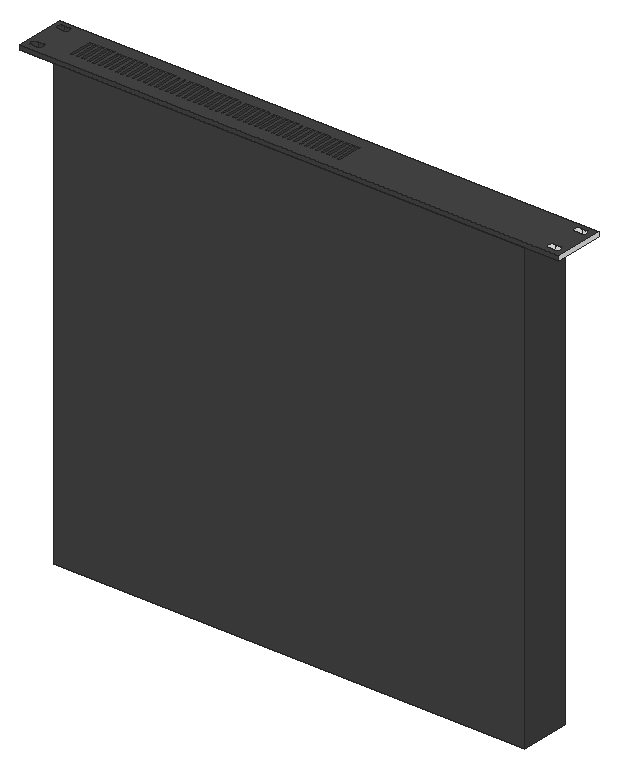
Revit family "Digital_Media-Honeywell-Amplifier-580242(43)", category Electrical Equipment, host Face, Revit 2017
Family settings
  Host = Face
  Round Connector Dimension = Use Diameter
  Part Type = Equipment Switch
  OmniClass Number = 23.85.50.00
  OmniClass Title = Communication Systems
  Cut with Voids When Loaded = No
  Shared = No
  Room Calculation Point = No
Parameters (values of type "Four Channel amplifier 4XD125B - 580242")
  Width = 483 mm  # constant formula
  Weight = if(Constraints = 1, 12.00 kgf, 8.99997 kgf)  # 8.99997 kgf
  Watts = if(Constraints = 1, 250 W, 125 W)  # 125 W
  Wattage = if(Constraints = 1, "250 W", "125 W")  # "125 W"
  Voltage = "230 V"  # constant formula
  Version = "2017 - v1.0a"  # constant formula
  Utility = no
  Storage Temperature = "-10 °C ... 55 °C"  # constant formula
  Rated current = if(Constraints = 1, "2.95 A", "N/A")  # "N/A"
  Rated Voltage = "230 V AC"  # constant formula
  Rated Load Current = if(Constraints = 1, 2.95 A, 2.95 A)  # 2.95 A
  Rated Frequency = "50 ... 60 Hz (+10 % / -5 %)"  # constant formula
  Power Output = if(Constraints = 1, "4 x 250 W", "4 x 125 W")  # "4 x 125 W"
  Power Factor = 1
  Number of Poles = 1
  Manufacturer Phone Number = "02131/40615-600"  # constant formula
  Manufacturer Fax Number = "02131/40615-606"  # constant formula
  Manufacturer Email = "mailto:info@esser-systems.com"
  Manufacturer Address = "Dieselstr. 2 41469 Neuss Germany"  # constant formula
  Load Sub-Classification = no
  Frequency = 50 Hz
  Finish = Metal - Honeywell - Stainless Steel - Black
  URL = "www.esser-systems.com"
  Support Phone = "(224) 699-9545"  # constant formula
  Support Email = "mailto:support@anguleris.com"
  Product Page URL = "https://www.esser-systems.com/en/products/details/variodyn-d1/variodyn-d1-comprio/580242-four-channel-amplifier-4xd125b-1/"
  Product Name = "Four Channel Amplifier "  # constant formula
  Product Documentation Link = "https://www.esser-systems.com/en/products/details/variodyn-d1/variodyn-d1-comprio/580242-four-channel-amplifier-4xd125b-1/download/productdatasheet/3000590"
  Model = if(Constraints = 1, "580243", "580242")  # "580242"
  Material = ""
  Manufacturer = "Honeywell International"  # constant formula
  Keynote = ""
  Height = if(Constraints = 1, 90 mm, 44 mm)  # 44 mm
  Description = if(Constraints = 1, "Four channel amplifier 4XD250B", "Four channel amplifier 4XD125B")  # "Four channel amplifier 4XD125B"
  Depth = if(Constraints = 1, 408 mm, 402 mm)  # 402 mm
  Default Elevation = 1219.2 mm
  Copyright = "© Copyright 2005-2019 Honeywell International Inc. All rights reserved."  # constant formula
  Constraints = 2
  Assembly Code = ""
  Apparent Load = 0 VA
  Ambient Temperature = "-5 °C ... 55 °C"  # constant formula
  Air Humidity = "0 ... 93 %"  # constant formula
Types (2, lengths in mm): name | Weight | Watts | Wattage | Rated current | Power Output | Product Page URL | Product Documentation Link | Model | Height | Description | Depth | Constraints
  Four Channel amplifier 4XD250B - 580243 | 12.00 kgf | 250 W | "250 W" | "2.95 A" | "4 x 250 W" | "https://www.esser-systems.com/en/products/details/variodyn-d1/variodyn-d1-comprio/580243-four-channel-amplifier-4xd250b/" | "https://www.esser-systems.com/en/products/details/variodyn-d1/variodyn-d1-comprio/580243-four-channel-amplifier-4xd250b/download/productdatasheet/3000831" | "580243" | 90 | "Four channel amplifier 4XD250B" | 408 | 1
  Four Channel amplifier 4XD125B - 580242 | 8.99997 kgf | 125 W | "125 W" | "N/A" | "4 x 125 W" | "https://www.esser-systems.com/en/products/details/variodyn-d1/variodyn-d1-comprio/580242-four-channel-amplifier-4xd125b-1/" | "https://www.esser-systems.com/en/products/details/variodyn-d1/variodyn-d1-comprio/580242-four-channel-amplifier-4xd125b-1/download/productdatasheet/3000590" | "580242" | 44 | "Four channel amplifier 4XD125B" | 402 | 2
Reference planes
  plane 1 "Center (Front/Back)": y = 317.025
  plane 2: z = 0
  plane 3 "Center (Left/Right)": x = 0
  plane 4: y = -880.175
  plane 5: x = -241.5
  plane 6: x = 241.5
  plane 7: y = 339.025
  plane 8: y = 295.025
  plane 9 "Back": z = -402
  plane 10: z = 10.875
  plane 11: x = -158.75
Forms (mm)
  Extrusion 1, void
    sketch origin (0, 0, 0) x (1, 0, 0) y (0, 1, 0)
      loop
        line (-241.5, 339.025) -> (-241.5, 295.025) -> (241.5, 295.025) -> (241.5, 339.025) -> (-241.5, 339.025)
    from -402 to 10.875
  Extrusion 2, solid, material "Metal - Honeywell - Stainless Steel - Black" <- "Finish"
    sketch origin (0, 0, 0) x (1, 0, 0) y (0, 1, 0)
      loop
        line (241.5, 295.025) -> (241.5, 339.025) -> (-241.5, 339.025) -> (-241.5, 295.025) -> (241.5, 295.025)
      loop
        arc (-234.271, 334.867) -> (-237.419, 331.72) -> (-234.271, 328.572) r 3.148
        line (-234.271, 328.572) -> (-229.428, 328.572)
        arc (-229.428, 328.572) -> (-226.28, 331.72) -> (-229.428, 334.867) r 3.148
        line (-229.428, 334.867) -> (-234.271, 334.867)
      loop
        line (-234.271, 299.183) -> (-229.428, 299.183)
        arc (-229.428, 299.183) -> (-226.28, 302.331) -> (-229.428, 305.479) r 3.148
        line (-229.428, 305.479) -> (-234.271, 305.479)
        arc (-234.271, 305.479) -> (-237.419, 302.331) -> (-234.271, 299.183) r 3.148
      loop
        line (234.271, 334.867) -> (229.428, 334.867)
        arc (229.428, 334.867) -> (226.28, 331.72) -> (229.428, 328.572) r 3.148
        line (229.428, 328.572) -> (234.271, 328.572)
        arc (234.271, 328.572) -> (237.419, 331.72) -> (234.271, 334.867) r 3.148
      loop
        arc (234.271, 299.183) -> (237.419, 302.331) -> (234.271, 305.479) r 3.148
        line (234.271, 305.479) -> (229.428, 305.479)
        arc (229.428, 305.479) -> (226.28, 302.331) -> (229.428, 299.183) r 3.148
        line (229.428, 299.183) -> (234.271, 299.183)
      loop
        line (-205.182, 327.672) -> (-205.182, 306.688) -> (-202.653, 306.688) -> (-202.653, 327.672) -> (-205.182, 327.672)
      loop
        line (-200.241, 327.672) -> (-200.241, 306.688) -> (-197.689, 306.688) -> (-197.689, 327.672) -> (-200.241, 327.672)
      loop
        line (-195.182, 327.672) -> (-195.182, 306.688) -> (-192.653, 306.688) -> (-192.653, 327.672) -> (-195.182, 327.672)
      loop
        line (-190.241, 327.672) -> (-190.241, 306.688) -> (-187.689, 306.688) -> (-187.689, 327.672) -> (-190.241, 327.672)
      loop
        line (-185.277, 327.672) -> (-185.277, 306.688) -> (-182.725, 306.688) -> (-182.725, 327.672) -> (-185.277, 327.672)
      loop
        line (-180.218, 327.672) -> (-180.218, 306.688) -> (-177.689, 306.688) -> (-177.689, 327.672) -> (-180.218, 327.672)
      loop
        line (-175.277, 327.672) -> (-175.277, 306.688) -> (-172.725, 306.688) -> (-172.725, 327.672) -> (-175.277, 327.672)
      loop
        line (-170.313, 327.672) -> (-170.313, 306.688) -> (-167.761, 306.688) -> (-167.761, 327.672) -> (-170.313, 327.672)
      loop
        line (-165.254, 327.672) -> (-165.254, 306.688) -> (-162.725, 306.688) -> (-162.725, 327.672) -> (-165.254, 327.672)
      loop
        line (-160.313, 327.672) -> (-160.313, 306.688) -> (-157.761, 306.688) -> (-157.761, 327.672) -> (-160.313, 327.672)
      loop
        line (-155.349, 327.672) -> (-155.349, 306.688) -> (-152.797, 306.688) -> (-152.797, 327.672) -> (-155.349, 327.672)
      loop
        line (-150.29, 327.672) -> (-150.29, 306.688) -> (-147.761, 306.688) -> (-147.761, 327.672) -> (-150.29, 327.672)
      loop
        line (-145.349, 327.672) -> (-145.349, 306.688) -> (-142.797, 306.688) -> (-142.797, 327.672) -> (-145.349, 327.672)
      loop
        line (-140.384, 327.672) -> (-140.384, 306.688) -> (-137.833, 306.688) -> (-137.833, 327.672) -> (-140.384, 327.672)
      loop
        line (-135.325, 327.672) -> (-135.325, 306.688) -> (-132.797, 306.688) -> (-132.797, 327.672) -> (-135.325, 327.672)
      loop
        line (-130.384, 327.672) -> (-130.384, 306.688) -> (-127.833, 306.688) -> (-127.833, 327.672) -> (-130.384, 327.672)
      loop
        line (-125.42, 327.672) -> (-125.42, 306.688) -> (-122.868, 306.688) -> (-122.868, 327.672) -> (-125.42, 327.672)
      loop
        line (-120.361, 327.672) -> (-120.361, 306.688) -> (-117.833, 306.688) -> (-117.833, 327.672) -> (-120.361, 327.672)
      loop
        line (-115.42, 327.672) -> (-115.42, 306.688) -> (-112.868, 306.688) -> (-112.868, 327.672) -> (-115.42, 327.672)
      loop
        line (-110.456, 327.672) -> (-110.456, 306.688) -> (-107.904, 306.688) -> (-107.904, 327.672) -> (-110.456, 327.672)
      loop
        line (-105.397, 327.672) -> (-105.397, 306.688) -> (-102.868, 306.688) -> (-102.868, 327.672) -> (-105.397, 327.672)
      loop
        line (-100.456, 327.672) -> (-100.456, 306.688) -> (-97.904, 306.688) -> (-97.904, 327.672) -> (-100.456, 327.672)
      loop
        line (-95.492, 327.672) -> (-95.492, 306.688) -> (-92.94, 306.688) -> (-92.94, 327.672) -> (-95.492, 327.672)
      loop
        line (-90.433, 327.672) -> (-90.433, 306.688) -> (-87.904, 306.688) -> (-87.904, 327.672) -> (-90.433, 327.672)
      loop
        line (-85.492, 327.672) -> (-85.492, 306.688) -> (-82.94, 306.688) -> (-82.94, 327.672) -> (-85.492, 327.672)
      loop
        line (-80.528, 327.672) -> (-80.528, 306.688) -> (-77.976, 306.688) -> (-77.976, 327.672) -> (-80.528, 327.672)
      loop
        line (-75.469, 327.672) -> (-75.469, 306.688) -> (-72.94, 306.688) -> (-72.94, 327.672) -> (-75.469, 327.672)
      loop
        line (-70.528, 327.672) -> (-70.528, 306.688) -> (-67.976, 306.688) -> (-67.976, 327.672) -> (-70.528, 327.672)
      loop
        line (-65.564, 327.672) -> (-65.564, 306.688) -> (-63.012, 306.688) -> (-63.012, 327.672) -> (-65.564, 327.672)
      loop
        line (-60.505, 327.672) -> (-60.505, 306.688) -> (-57.976, 306.688) -> (-57.976, 327.672) -> (-60.505, 327.672)
      loop
        line (-55.564, 327.672) -> (-55.564, 306.688) -> (-53.012, 306.688) -> (-53.012, 327.672) -> (-55.564, 327.672)
      loop
        line (-50.6, 327.672) -> (-50.6, 306.688) -> (-48.048, 306.688) -> (-48.048, 327.672) -> (-50.6, 327.672)
      loop
        line (-45.541, 327.672) -> (-45.541, 306.688) -> (-43.012, 306.688) -> (-43.012, 327.672) -> (-45.541, 327.672)
      loop
        line (-40.6, 327.672) -> (-40.6, 306.688) -> (-38.048, 306.688) -> (-38.048, 327.672) -> (-40.6, 327.672)
      loop
        line (-35.635, 327.672) -> (-35.635, 306.688) -> (-33.084, 306.688) -> (-33.084, 327.672) -> (-35.635, 327.672)
      loop
        line (-30.577, 327.672) -> (-30.577, 306.688) -> (-28.048, 306.688) -> (-28.048, 327.672) -> (-30.577, 327.672)
      loop
        line (-25.635, 327.672) -> (-25.635, 306.688) -> (-23.084, 306.688) -> (-23.084, 327.672) -> (-25.635, 327.672)
      loop
        line (-20.671, 327.672) -> (-20.671, 306.688) -> (-18.119, 306.688) -> (-18.119, 327.672) -> (-20.671, 327.672)
      loop
        line (-15.612, 327.672) -> (-15.612, 306.688) -> (-13.084, 306.688) -> (-13.084, 327.672) -> (-15.612, 327.672)
      loop
        line (-10.671, 327.672) -> (-10.671, 306.688) -> (-8.119, 306.688) -> (-8.119, 327.672) -> (-10.671, 327.672)
      loop
        line (-5.707, 327.672) -> (-5.707, 306.688) -> (-3.155, 306.688) -> (-3.155, 327.672) -> (-5.707, 327.672)
      loop
        line (-0.648, 327.672) -> (-0.648, 306.688) -> (1.881, 306.688) -> (1.881, 327.672) -> (-0.648, 327.672)
      loop
        line (4.293, 327.672) -> (4.293, 306.688) -> (6.845, 306.688) -> (6.845, 327.672) -> (4.293, 327.672)
      loop
        line (9.257, 327.672) -> (9.257, 306.688) -> (11.809, 306.688) -> (11.809, 327.672) -> (9.257, 327.672)
      loop
        line (14.316, 327.672) -> (14.316, 306.688) -> (16.845, 306.688) -> (16.845, 327.672) -> (14.316, 327.672)
      loop
        line (19.257, 327.672) -> (19.257, 306.688) -> (21.809, 306.688) -> (21.809, 327.672) -> (19.257, 327.672)
      loop
        line (24.221, 327.672) -> (24.221, 306.688) -> (26.773, 306.688) -> (26.773, 327.672) -> (24.221, 327.672)
      loop
        line (29.28, 327.672) -> (29.28, 306.688) -> (31.809, 306.688) -> (31.809, 327.672) -> (29.28, 327.672)
      loop
        line (34.221, 327.672) -> (34.221, 306.688) -> (36.773, 306.688) -> (36.773, 327.672) -> (34.221, 327.672)
    from 0 to 4
  Extrusion 3, solid, material "Metal - Honeywell - Stainless Steel - Black"
    sketch origin (0, 0, 0) x (1, 0, 0) y (0, 1, 0)
      loop
        line (-210.879, 339.025) -> (-211.379, 295.025) -> (211, 295.025) -> (211.5, 339.025) -> (-210.879, 339.025)
    from 0 to -402
Lines and regions (mm)
  Masking region 1
    outline origin (0, 317.025, 0) x (1, 0, 0) y (0, 0, 1)
      loop
        line (-241.5, -402) -> (241.5, -402) -> (241.5, 4) -> (-241.5, 4) -> (-241.5, -402)
  Split face 1
    outline origin (-31.31, -17.075, 4) x (1, 0, 0) y (0, 1, 0)
      loop
        line (85.083, 330.048) -> (85.083, 326.452) -> (112.325, 326.452) -> (112.325, 330.048) -> (85.083, 330.048)
  Split face 2
    outline origin (-58.938, -16.388, 4) x (1, 0, 0) y (0, 1, 0)
      loop
        line (112.612, 341.732) -> (112.612, 338.024) -> (140.424, 338.024) -> (140.424, 341.732) -> (112.612, 341.732)
  Split face 3
    outline origin (-38.173, -17.107, 4) x (1, 0, 0) y (0, 1, 0)
      loop
        line (91.871, 335.577) -> (91.871, 332.318) -> (119.473, 332.318) -> (119.473, 335.577) -> (91.871, 335.577)
  Split face 4
    outline origin (0, 0, 4) x (1, 0, 0) y (0, 1, 0)
      loop
        line (178.589, 339.025) -> (178.589, 295.025)
  Split face 5
    outline origin (3.962, -22.943, 4) x (1, 0, 0) y (0, 1, 0)
      loop
        line (81.451, 325.725) -> (81.451, 319.284) -> (114.921, 319.284) -> (114.921, 325.725) -> (81.451, 325.725)
  Split face 6
    outline origin (-0.038, -0.212, 4) x (1, 0, 0) y (0, 1, 0)
      loop
        line (128.732, 311.369) -> (128.732, 308.354) -> (149.455, 308.354) -> (149.455, 311.369) -> (128.732, 311.369)
  Split face 7
    outline origin (0.101, -9.011, 4) x (1, 0, 0) y (0, 1, 0)
      loop
        line (128.732, 335.559) -> (128.732, 331.851) -> (149.455, 331.851) -> (149.455, 335.559) -> (128.732, 335.559)
  Split face 8
    outline origin (0, 2.812, 4) x (1, 0, 0) y (0, 1, 0)
      loop
        line (128.732, 329.409) -> (128.732, 326.329) -> (149.455, 326.329) -> (149.455, 329.409) -> (128.732, 329.409)
  Split face 9
    outline origin (-0.302, -0.101, 4) x (1, 0, 0) y (0, 1, 0)
      loop
        line (54.226, 306.607) -> (54.226, 302.852) -> (81.662, 302.852) -> (81.662, 306.607) -> (54.226, 306.607)
  Split face 10
    outline origin (0, -46, 4) x (1, 0, 0) y (0, 1, 0)
      loop
        line (128.732, 352.607) -> (128.732, 348.852) -> (149.455, 348.852) -> (149.455, 352.607) -> (128.732, 352.607)
  Split face 11
    outline origin (-241.5, 339.025, 0) x (1, 0, 0) y (0, 0, -1)
      loop
        line (420.089, -4) -> (420.089, 0)
  Split face 12
    outline origin (241.5, 295.025, 0) x (-1, 0, 0) y (0, 0, -1)
      loop
        line (62.911, -4) -> (62.911, 0)
  Split face 13
    outline origin (0, -0.938, 4) x (1, 0, 0) y (0, 1, 0)
      loop
        line (53.674, 333.284) -> (53.674, 329.409) -> (81.015, 329.409) -> (81.015, 333.284) -> (53.674, 333.284)
Dimensions and locks
  "Default Elevation": plane 4 to plane 7
  plane 10 to Masking region 1 = 6.875 mm
  "Depth": level to plane 9 "Back"
  "Height": plane 8 to plane 7
  equal spacing: plane 5, plane 3 "Center (Left/Right)", plane 6
  "Width": plane 5 to plane 6
  equal spacing: plane 8, plane 1 "Center (Front/Back)", plane 7
  locked: plane 10 to level at 10.875
  locked: Extrusion 2 to level at 4  (x3)
  Extrusion 2 sketch curve to Extrusion 2 sketch curve to plane 7 = 6.296 mm locked, 4.158 mm locked  (x2)
  plane 5 to Extrusion 2 sketch curve to Extrusion 2 sketch curve = 4.081 mm locked, 11.139 mm  (x2)
  Extrusion 2 sketch curve to Extrusion 2 sketch curve to plane 8 = 6.296 mm locked, 4.158 mm locked  (x2)
  plane 6 to Extrusion 2 sketch curve to Extrusion 2 sketch curve = 4.081 mm locked, 11.139 mm  (x2)
  locked: host sketch curve to plane 3 "Center (Left/Right)" at 1219.2  (x12)
  locked: host sketch curve to plane 1 "Center (Front/Back)" at 1536.225  (x6)
  locked: host sketch curve to plane 1 "Center (Front/Back)" at 902.175  (x6)
  Extrusion 1 sketch curve to plane 3 "Center (Left/Right)" = 241.5 mm  (x6)
  Extrusion 1 sketch curve to plane 1 "Center (Front/Back)" = 22 mm  (x6)
  Extrusion 2 to plane 3 "Center (Left/Right)" = 241.5 mm  (x4)
  Extrusion 2 to plane 3 "Center (Left/Right)" = 202.653 mm  (x2)
  Extrusion 2 to plane 3 "Center (Left/Right)" = 205.182 mm  (x2)
  Extrusion 2 to plane 3 "Center (Left/Right)" = 197.689 mm  (x2)
  Extrusion 2 to plane 3 "Center (Left/Right)" = 200.241 mm  (x2)
  Extrusion 2 to plane 3 "Center (Left/Right)" = 192.653 mm  (x2)
  Extrusion 2 to plane 3 "Center (Left/Right)" = 195.182 mm  (x2)
  Extrusion 2 to plane 3 "Center (Left/Right)" = 187.689 mm  (x2)
  Extrusion 2 to plane 3 "Center (Left/Right)" = 190.241 mm  (x2)
  Extrusion 2 to plane 3 "Center (Left/Right)" = 182.725 mm  (x2)
  Extrusion 2 to plane 3 "Center (Left/Right)" = 185.277 mm  (x2)
  Extrusion 2 to plane 3 "Center (Left/Right)" = 177.689 mm  (x2)
  Extrusion 2 to plane 3 "Center (Left/Right)" = 180.218 mm  (x2)
  Extrusion 2 to plane 3 "Center (Left/Right)" = 172.725 mm  (x2)
  Extrusion 2 to plane 3 "Center (Left/Right)" = 175.277 mm  (x2)
  Extrusion 2 to plane 3 "Center (Left/Right)" = 167.761 mm  (x2)
  Extrusion 2 to plane 3 "Center (Left/Right)" = 170.313 mm  (x2)
  Extrusion 2 to plane 3 "Center (Left/Right)" = 162.725 mm  (x2)
  Extrusion 2 to plane 3 "Center (Left/Right)" = 165.254 mm  (x2)
  locked: Extrusion 2 to plane 3 "Center (Left/Right)" at 157.761  (x2)
  locked: Extrusion 2 to plane 3 "Center (Left/Right)" at 160.313  (x2)
  locked: Extrusion 2 to plane 3 "Center (Left/Right)" at 152.797  (x2)
  locked: Extrusion 2 to plane 3 "Center (Left/Right)" at 155.349  (x2)
  locked: Extrusion 2 to plane 3 "Center (Left/Right)" at 147.761  (x2)
  locked: Extrusion 2 to plane 3 "Center (Left/Right)" at 150.29  (x2)
  locked: Extrusion 2 to plane 3 "Center (Left/Right)" at 142.797  (x2)
  locked: Extrusion 2 to plane 3 "Center (Left/Right)" at 145.349  (x2)
  locked: Extrusion 2 to plane 3 "Center (Left/Right)" at 137.833  (x2)
  locked: Extrusion 2 to plane 3 "Center (Left/Right)" at 140.384  (x2)
  locked: Extrusion 2 to plane 3 "Center (Left/Right)" at 132.797  (x2)
  locked: Extrusion 2 to plane 3 "Center (Left/Right)" at 135.325  (x2)
  locked: Extrusion 2 to plane 3 "Center (Left/Right)" at 127.833  (x2)
  locked: Extrusion 2 to plane 3 "Center (Left/Right)" at 130.384  (x2)
  locked: Extrusion 2 to plane 3 "Center (Left/Right)" at 122.868  (x2)
  locked: Extrusion 2 to plane 3 "Center (Left/Right)" at 125.42  (x2)
  locked: Extrusion 2 to plane 3 "Center (Left/Right)" at 117.833  (x2)
  locked: Extrusion 2 to plane 3 "Center (Left/Right)" at 120.361  (x2)
  locked: Extrusion 2 to plane 3 "Center (Left/Right)" at 112.868  (x2)
  locked: Extrusion 2 to plane 3 "Center (Left/Right)" at 115.42  (x2)
  locked: Extrusion 2 to plane 3 "Center (Left/Right)" at 107.904  (x2)
  locked: Extrusion 2 to plane 3 "Center (Left/Right)" at 110.456  (x2)
  locked: Extrusion 2 to plane 3 "Center (Left/Right)" at 102.868  (x2)
  locked: Extrusion 2 to plane 3 "Center (Left/Right)" at 105.397  (x2)
  locked: Extrusion 2 to plane 3 "Center (Left/Right)" at 97.904  (x2)
  locked: Extrusion 2 to plane 3 "Center (Left/Right)" at 100.456  (x2)
  locked: Extrusion 2 to plane 3 "Center (Left/Right)" at 92.94  (x2)
  locked: Extrusion 2 to plane 3 "Center (Left/Right)" at 95.492  (x2)
  locked: Extrusion 2 to plane 3 "Center (Left/Right)" at 87.904  (x2)
  locked: Extrusion 2 to plane 3 "Center (Left/Right)" at 90.433  (x2)
  locked: Extrusion 2 to plane 3 "Center (Left/Right)" at 82.94  (x2)
  locked: Extrusion 2 to plane 3 "Center (Left/Right)" at 85.492  (x2)
  locked: Extrusion 2 to plane 3 "Center (Left/Right)" at 77.976  (x2)
  locked: Extrusion 2 to plane 3 "Center (Left/Right)" at 80.528  (x2)
  locked: Extrusion 2 to plane 3 "Center (Left/Right)" at 72.94  (x2)
  locked: Extrusion 2 to plane 3 "Center (Left/Right)" at 75.469  (x2)
  locked: Extrusion 2 to plane 3 "Center (Left/Right)" at 67.976  (x2)
  locked: Extrusion 2 to plane 3 "Center (Left/Right)" at 70.528  (x2)
  locked: Extrusion 2 to plane 3 "Center (Left/Right)" at 63.012  (x2)
  locked: Extrusion 2 to plane 3 "Center (Left/Right)" at 65.564  (x2)
  locked: Extrusion 2 to plane 3 "Center (Left/Right)" at 57.976  (x2)
  locked: Extrusion 2 to plane 3 "Center (Left/Right)" at 60.505  (x2)
  locked: Extrusion 2 to plane 3 "Center (Left/Right)" at 53.012  (x2)
  locked: Extrusion 2 to plane 3 "Center (Left/Right)" at 55.564  (x2)
  locked: Extrusion 2 to plane 3 "Center (Left/Right)" at 48.048  (x2)
  locked: Extrusion 2 to plane 3 "Center (Left/Right)" at 50.6  (x2)
  locked: Extrusion 2 to plane 3 "Center (Left/Right)" at 43.012  (x2)
  locked: Extrusion 2 to plane 3 "Center (Left/Right)" at 45.541  (x2)
  locked: Extrusion 2 to plane 3 "Center (Left/Right)" at 38.048  (x2)
  locked: Extrusion 2 to plane 3 "Center (Left/Right)" at 40.6  (x2)
  locked: Extrusion 2 to plane 3 "Center (Left/Right)" at 33.084  (x2)
  locked: Extrusion 2 to plane 3 "Center (Left/Right)" at 35.635  (x2)
  locked: Extrusion 2 to plane 3 "Center (Left/Right)" at 28.048  (x2)
  locked: Extrusion 2 to plane 3 "Center (Left/Right)" at 30.577  (x2)
  locked: Extrusion 2 to plane 3 "Center (Left/Right)" at 23.084  (x2)
  locked: Extrusion 2 to plane 3 "Center (Left/Right)" at 25.635  (x2)
  locked: Extrusion 2 to plane 3 "Center (Left/Right)" at 18.119  (x2)
  locked: Extrusion 2 to plane 3 "Center (Left/Right)" at 20.671  (x2)
  locked: Extrusion 2 to plane 3 "Center (Left/Right)" at 13.084  (x2)
  locked: Extrusion 2 to plane 3 "Center (Left/Right)" at 15.612  (x2)
  locked: Extrusion 2 to plane 3 "Center (Left/Right)" at 8.119  (x2)
  locked: Extrusion 2 to plane 3 "Center (Left/Right)" at 10.671  (x2)
  locked: Extrusion 2 to plane 3 "Center (Left/Right)" at 3.155  (x2)
  locked: Extrusion 2 to plane 3 "Center (Left/Right)" at 5.707  (x2)
  locked: Extrusion 2 to plane 3 "Center (Left/Right)" at 1.881  (x2)
  locked: Extrusion 2 to plane 3 "Center (Left/Right)" at 6.845  (x2)
  locked: Extrusion 2 to plane 3 "Center (Left/Right)" at 4.293  (x2)
  locked: Extrusion 2 to plane 3 "Center (Left/Right)" at 11.809  (x2)
  locked: Extrusion 2 to plane 3 "Center (Left/Right)" at 9.257  (x2)
  locked: Extrusion 2 to plane 3 "Center (Left/Right)" at 16.845  (x2)
  locked: Extrusion 2 to plane 3 "Center (Left/Right)" at 14.316  (x2)
  locked: Extrusion 2 to plane 3 "Center (Left/Right)" at 21.809  (x2)
  locked: Extrusion 2 to plane 3 "Center (Left/Right)" at 19.257  (x2)
  locked: Extrusion 2 to plane 3 "Center (Left/Right)" at 26.773  (x2)
  locked: Extrusion 2 to plane 3 "Center (Left/Right)" at 24.221  (x2)
  locked: Extrusion 2 to plane 3 "Center (Left/Right)" at 31.809  (x2)
  locked: Extrusion 2 to plane 3 "Center (Left/Right)" at 29.28  (x2)
  locked: Extrusion 2 to plane 3 "Center (Left/Right)" at 36.773  (x2)
  locked: Extrusion 2 to plane 3 "Center (Left/Right)" at 34.221  (x2)
  Extrusion 2 to plane 1 "Center (Front/Back)" = 22 mm  (x4)
  Extrusion 2 to plane 1 "Center (Front/Back)" = 11.546 mm  (x8)
  Extrusion 2 to plane 1 "Center (Front/Back)" = 17.842 mm  (x8)
  Extrusion 2 to plane 1 "Center (Front/Back)" = 10.338 mm  (x98)
  Extrusion 2 to plane 1 "Center (Front/Back)" = 10.647 mm  (x98)
  Extrusion 2 sketch curve to plane 1 "Center (Front/Back)" = 22 mm  (x12)
  Extrusion 2 sketch curve to plane 1 "Center (Front/Back)" = 17.842 mm  (x40)
  Extrusion 2 sketch curve to plane 1 "Center (Front/Back)" = 11.546 mm  (x48)
  Extrusion 2 sketch curve to plane 1 "Center (Front/Back)" = 10.338 mm  (x294)
  Extrusion 2 sketch curve to plane 1 "Center (Front/Back)" = 10.647 mm  (x294)
  Extrusion 2 sketch curve to plane 3 "Center (Left/Right)" = 241.5 mm  (x6)
  Extrusion 2 sketch curve to plane 3 "Center (Left/Right)" = 229.428 mm  (x8)
  Extrusion 2 sketch curve to plane 3 "Center (Left/Right)" = 234.271 mm  (x8)
  Extrusion 2 sketch curve to plane 3 "Center (Left/Right)" = 202.653 mm  (x3)
  Extrusion 2 sketch curve to plane 3 "Center (Left/Right)" = 205.182 mm  (x3)
  Extrusion 2 sketch curve to plane 3 "Center (Left/Right)" = 197.689 mm  (x3)
  Extrusion 2 sketch curve to plane 3 "Center (Left/Right)" = 200.241 mm  (x3)
  Extrusion 2 sketch curve to plane 3 "Center (Left/Right)" = 192.653 mm  (x3)
  Extrusion 2 sketch curve to plane 3 "Center (Left/Right)" = 195.182 mm  (x3)
  Extrusion 2 sketch curve to plane 3 "Center (Left/Right)" = 187.689 mm  (x3)
  Extrusion 2 sketch curve to plane 3 "Center (Left/Right)" = 190.241 mm  (x3)
  Extrusion 2 sketch curve to plane 3 "Center (Left/Right)" = 182.725 mm  (x3)
  Extrusion 2 sketch curve to plane 3 "Center (Left/Right)" = 185.277 mm  (x3)
  Extrusion 2 sketch curve to plane 3 "Center (Left/Right)" = 177.689 mm  (x3)
  Extrusion 2 sketch curve to plane 3 "Center (Left/Right)" = 180.218 mm  (x3)
  Extrusion 2 sketch curve to plane 3 "Center (Left/Right)" = 172.725 mm  (x3)
  Extrusion 2 sketch curve to plane 3 "Center (Left/Right)" = 175.277 mm  (x3)
  Extrusion 2 sketch curve to plane 3 "Center (Left/Right)" = 167.761 mm  (x3)
  Extrusion 2 sketch curve to plane 3 "Center (Left/Right)" = 170.313 mm  (x3)
  Extrusion 2 sketch curve to plane 3 "Center (Left/Right)" = 162.725 mm  (x3)
  Extrusion 2 sketch curve to plane 3 "Center (Left/Right)" = 165.254 mm  (x3)
  locked: Extrusion 2 sketch curve to plane 3 "Center (Left/Right)" at 157.761  (x3)
  locked: Extrusion 2 sketch curve to plane 3 "Center (Left/Right)" at 160.313  (x3)
  locked: Extrusion 2 sketch curve to plane 3 "Center (Left/Right)" at 152.797  (x3)
  locked: Extrusion 2 sketch curve to plane 3 "Center (Left/Right)" at 155.349  (x3)
  locked: Extrusion 2 sketch curve to plane 3 "Center (Left/Right)" at 147.761  (x3)
  locked: Extrusion 2 sketch curve to plane 3 "Center (Left/Right)" at 150.29  (x3)
  locked: Extrusion 2 sketch curve to plane 3 "Center (Left/Right)" at 142.797  (x3)
  locked: Extrusion 2 sketch curve to plane 3 "Center (Left/Right)" at 145.349  (x3)
  locked: Extrusion 2 sketch curve to plane 3 "Center (Left/Right)" at 137.833  (x3)
  locked: Extrusion 2 sketch curve to plane 3 "Center (Left/Right)" at 140.384  (x3)
  locked: Extrusion 2 sketch curve to plane 3 "Center (Left/Right)" at 132.797  (x3)
  locked: Extrusion 2 sketch curve to plane 3 "Center (Left/Right)" at 135.325  (x3)
  locked: Extrusion 2 sketch curve to plane 3 "Center (Left/Right)" at 127.833  (x3)
  locked: Extrusion 2 sketch curve to plane 3 "Center (Left/Right)" at 130.384  (x3)
  locked: Extrusion 2 sketch curve to plane 3 "Center (Left/Right)" at 122.868  (x3)
  locked: Extrusion 2 sketch curve to plane 3 "Center (Left/Right)" at 125.42  (x3)
  locked: Extrusion 2 sketch curve to plane 3 "Center (Left/Right)" at 117.833  (x3)
  locked: Extrusion 2 sketch curve to plane 3 "Center (Left/Right)" at 120.361  (x3)
  locked: Extrusion 2 sketch curve to plane 3 "Center (Left/Right)" at 112.868  (x3)
  locked: Extrusion 2 sketch curve to plane 3 "Center (Left/Right)" at 115.42  (x3)
  locked: Extrusion 2 sketch curve to plane 3 "Center (Left/Right)" at 107.904  (x3)
  locked: Extrusion 2 sketch curve to plane 3 "Center (Left/Right)" at 110.456  (x3)
  locked: Extrusion 2 sketch curve to plane 3 "Center (Left/Right)" at 102.868  (x3)
  locked: Extrusion 2 sketch curve to plane 3 "Center (Left/Right)" at 105.397  (x3)
  locked: Extrusion 2 sketch curve to plane 3 "Center (Left/Right)" at 97.904  (x3)
  locked: Extrusion 2 sketch curve to plane 3 "Center (Left/Right)" at 100.456  (x3)
  locked: Extrusion 2 sketch curve to plane 3 "Center (Left/Right)" at 92.94  (x3)
  locked: Extrusion 2 sketch curve to plane 3 "Center (Left/Right)" at 95.492  (x3)
  locked: Extrusion 2 sketch curve to plane 3 "Center (Left/Right)" at 87.904  (x3)
  locked: Extrusion 2 sketch curve to plane 3 "Center (Left/Right)" at 90.433  (x3)
  locked: Extrusion 2 sketch curve to plane 3 "Center (Left/Right)" at 82.94  (x3)
  locked: Extrusion 2 sketch curve to plane 3 "Center (Left/Right)" at 85.492  (x3)
  locked: Extrusion 2 sketch curve to plane 3 "Center (Left/Right)" at 77.976  (x3)
  locked: Extrusion 2 sketch curve to plane 3 "Center (Left/Right)" at 80.528  (x3)
  locked: Extrusion 2 sketch curve to plane 3 "Center (Left/Right)" at 72.94  (x3)
  locked: Extrusion 2 sketch curve to plane 3 "Center (Left/Right)" at 75.469  (x3)
  locked: Extrusion 2 sketch curve to plane 3 "Center (Left/Right)" at 67.976  (x3)
  locked: Extrusion 2 sketch curve to plane 3 "Center (Left/Right)" at 70.528  (x3)
  locked: Extrusion 2 sketch curve to plane 3 "Center (Left/Right)" at 63.012  (x3)
  locked: Extrusion 2 sketch curve to plane 3 "Center (Left/Right)" at 65.564  (x3)
  locked: Extrusion 2 sketch curve to plane 3 "Center (Left/Right)" at 57.976  (x3)
  locked: Extrusion 2 sketch curve to plane 3 "Center (Left/Right)" at 60.505  (x3)
  locked: Extrusion 2 sketch curve to plane 3 "Center (Left/Right)" at 53.012  (x3)
  locked: Extrusion 2 sketch curve to plane 3 "Center (Left/Right)" at 55.564  (x3)
  locked: Extrusion 2 sketch curve to plane 3 "Center (Left/Right)" at 48.048  (x3)
  locked: Extrusion 2 sketch curve to plane 3 "Center (Left/Right)" at 50.6  (x3)
  locked: Extrusion 2 sketch curve to plane 3 "Center (Left/Right)" at 43.012  (x3)
  locked: Extrusion 2 sketch curve to plane 3 "Center (Left/Right)" at 45.541  (x3)
  locked: Extrusion 2 sketch curve to plane 3 "Center (Left/Right)" at 38.048  (x3)
  locked: Extrusion 2 sketch curve to plane 3 "Center (Left/Right)" at 40.6  (x3)
  locked: Extrusion 2 sketch curve to plane 3 "Center (Left/Right)" at 33.084  (x3)
  locked: Extrusion 2 sketch curve to plane 3 "Center (Left/Right)" at 35.635  (x3)
  locked: Extrusion 2 sketch curve to plane 3 "Center (Left/Right)" at 28.048  (x3)
  locked: Extrusion 2 sketch curve to plane 3 "Center (Left/Right)" at 30.577  (x3)
  locked: Extrusion 2 sketch curve to plane 3 "Center (Left/Right)" at 23.084  (x3)
  locked: Extrusion 2 sketch curve to plane 3 "Center (Left/Right)" at 25.635  (x3)
  locked: Extrusion 2 sketch curve to plane 3 "Center (Left/Right)" at 18.119  (x3)
  locked: Extrusion 2 sketch curve to plane 3 "Center (Left/Right)" at 20.671  (x3)
  locked: Extrusion 2 sketch curve to plane 3 "Center (Left/Right)" at 13.084  (x3)
  locked: Extrusion 2 sketch curve to plane 3 "Center (Left/Right)" at 15.612  (x3)
  locked: Extrusion 2 sketch curve to plane 3 "Center (Left/Right)" at 8.119  (x3)
  locked: Extrusion 2 sketch curve to plane 3 "Center (Left/Right)" at 10.671  (x3)
  locked: Extrusion 2 sketch curve to plane 3 "Center (Left/Right)" at 3.155  (x3)
  locked: Extrusion 2 sketch curve to plane 3 "Center (Left/Right)" at 5.707  (x3)
  locked: Extrusion 2 sketch curve to plane 3 "Center (Left/Right)" at 1.881  (x3)
  locked: Extrusion 2 sketch curve to plane 3 "Center (Left/Right)" at 6.845  (x3)
  locked: Extrusion 2 sketch curve to plane 3 "Center (Left/Right)" at 4.293  (x3)
  locked: Extrusion 2 sketch curve to plane 3 "Center (Left/Right)" at 11.809  (x3)
  locked: Extrusion 2 sketch curve to plane 3 "Center (Left/Right)" at 9.257  (x3)
  locked: Extrusion 2 sketch curve to plane 3 "Center (Left/Right)" at 16.845  (x3)
  locked: Extrusion 2 sketch curve to plane 3 "Center (Left/Right)" at 14.316  (x3)
  locked: Extrusion 2 sketch curve to plane 3 "Center (Left/Right)" at 21.809  (x3)
  locked: Extrusion 2 sketch curve to plane 3 "Center (Left/Right)" at 19.257  (x3)
  locked: Extrusion 2 sketch curve to plane 3 "Center (Left/Right)" at 26.773  (x3)
  locked: Extrusion 2 sketch curve to plane 3 "Center (Left/Right)" at 24.221  (x3)
  locked: Extrusion 2 sketch curve to plane 3 "Center (Left/Right)" at 31.809  (x3)
  locked: Extrusion 2 sketch curve to plane 3 "Center (Left/Right)" at 29.28  (x3)
  locked: Extrusion 2 sketch curve to plane 3 "Center (Left/Right)" at 36.773  (x3)
  locked: Extrusion 2 sketch curve to plane 3 "Center (Left/Right)" at 34.221  (x3)
  Extrusion 3 sketch curve to plane 3 "Center (Left/Right)" = 211.5 mm  (x2)
  locked: Extrusion 3 sketch curve to plane 3 "Center (Left/Right)" at 211  (x2)
  Extrusion 3 sketch curve to plane 3 "Center (Left/Right)" = 211.379 mm  (x2)
  locked: Extrusion 3 sketch curve to plane 3 "Center (Left/Right)" at 210.879  (x2)
  Extrusion 3 to plane 1 "Center (Front/Back)" = 22 mm  (x4)
  Extrusion 3 sketch curve to plane 1 "Center (Front/Back)" = 22 mm  (x12)
  locked: Extrusion 3 to level at 402  (x2)
  plane 1 "Center (Front/Back)" to Split face 13 sketch curve to Split face 13 sketch curve = 11.447 mm locked, 3.875 mm locked
  plane 1 "Center (Front/Back)" to Split face 2 sketch curve to Split face 2 sketch curve = 4.611 mm locked, 3.708 mm locked
  Split face 3 sketch curve to plane 1 "Center (Front/Back)" to Split face 3 sketch curve = 1.815 mm locked, 1.444 mm locked
  Split face 1 sketch curve to Split face 1 sketch curve to plane 1 "Center (Front/Back)" = 3.596 mm locked, 4.052 mm locked
  Split face 9 sketch curve to Split face 9 sketch curve to plane 1 "Center (Front/Back)" = 3.755 mm locked, 10.519 mm locked
  Split face 10 to Split face 10 to Split face 6 to Split face 6 to plane 1 "Center (Front/Back)" to Split face 7 to Split face 7 to Split face 8 to Split face 8 = 3.755 mm locked, 1.535 mm locked, 3.015 mm locked, 5.869 mm, 5.815 mm, 3.708 mm locked, 2.593 mm locked, 3.08 mm locked
  Split face 5 sketch curve to Split face 5 sketch curve to plane 1 "Center (Front/Back)" = 6.441 mm locked, 14.243 mm locked
  aligned and locked: plane 2 to host face
  aligned and locked: Masking region 1 sketch curve to plane 9 "Back"
  aligned and locked: Masking region 1 to plane 6
  aligned and locked: Masking region 1 to plane 5
  aligned and locked: plane 10 to Extrusion 1
  aligned and locked: plane 7 to Extrusion 3 sketch curve
  aligned and locked: Extrusion 3 sketch curve to plane 8
  aligned and locked: level to Extrusion 3
  aligned and locked: Masking region 1 to Extrusion 2
  aligned and locked: plane 7 to Extrusion 1 sketch curve
  aligned and locked: Extrusion 1 sketch curve to plane 8
  aligned and locked: plane 5 to Extrusion 1 sketch curve
  aligned and locked: Extrusion 1 sketch curve to plane 6
Automatic sketch dimensions
  plane 5 to Masking region 1 sketch curve = 0 mm
  Masking region 1 sketch curve to plane 6 = 0 mm
  level to Masking region 1 sketch curve = 4 mm
  Split face 1 sketch curve to Extrusion 2 = 187.727 mm
  Split face 1 sketch curve to Split face 1 sketch curve = 27.242 mm
  Split face 2 sketch curve to Extrusion 2 = 187.826 mm
  Split face 2 sketch curve to Split face 2 sketch curve = 27.812 mm
  Split face 3 sketch curve to Extrusion 2 = 187.803 mm
  Split face 3 sketch curve to Split face 3 sketch curve = 27.603 mm
  Extrusion 2 to Split face 4 sketch curve = 0 mm
  Split face 4 sketch curve to Extrusion 2 = 0 mm
  Split face 4 sketch curve to Extrusion 2 = 62.911 mm
  Split face 5 sketch curve to Extrusion 2 = 156.087 mm
  Split face 5 sketch curve to Split face 5 sketch curve = 33.47 mm
  Split face 6 sketch curve to Extrusion 2 = 20.43 mm
  Split face 6 sketch curve to Extrusion 2 = 112.806 mm
  Split face 6 sketch curve to Split face 6 sketch curve = 20.723 mm
  Split face 6 sketch curve to Split face 6 sketch curve = 3.015 mm
  Split face 7 sketch curve to Extrusion 2 = 17.361 mm
  Split face 7 sketch curve to Extrusion 2 = 112.667 mm
  Split face 7 sketch curve to Split face 7 sketch curve = 20.723 mm
  Split face 7 sketch curve to Split face 7 sketch curve = 3.708 mm
  Split face 8 sketch curve to Extrusion 2 = 23.663 mm
  Split face 8 sketch curve to Extrusion 2 = 112.768 mm
  Split face 8 sketch curve to Split face 8 sketch curve = 20.723 mm
  Split face 8 sketch curve to Split face 8 sketch curve = 3.08 mm
  Split face 9 sketch curve to Extrusion 2 = 187.576 mm
  Split face 9 sketch curve to Split face 9 sketch curve = 27.436 mm
  Split face 10 sketch curve to Extrusion 2 = 25.72 mm
  Split face 10 sketch curve to Extrusion 2 = 112.768 mm
  Split face 10 sketch curve to Split face 10 sketch curve = 20.723 mm
  Split face 10 sketch curve to Split face 10 sketch curve = 3.755 mm
  Split face 11 sketch curve to Extrusion 2 = 0 mm  (x2)
  Split face 11 sketch curve to Extrusion 2 = 62.911 mm
  Split face 12 sketch curve to Extrusion 2 = 0 mm  (x2)
  Split face 12 sketch curve to Extrusion 2 = 62.911 mm
  plane 5 to Extrusion 3 sketch curve = 30.121 mm
  Extrusion 3 sketch curve to plane 6 = 30 mm
  Extrusion 2 sketch curve to plane 5 = 0 mm
  Extrusion 2 sketch curve to plane 6 = 0 mm
  plane 8 to Extrusion 2 sketch curve = 0 mm
  plane 7 to Extrusion 2 sketch curve = 0 mm
  plane 7 to Extrusion 2 sketch curve = 11.353 mm  (x3)
  Extrusion 2 sketch curve to Extrusion 2 sketch curve = 24.246 mm
  Extrusion 2 sketch curve to Extrusion 2 sketch curve = 2.529 mm  (x16)
  Extrusion 2 sketch curve to Extrusion 2 sketch curve = 2.412 mm  (x31)
  Extrusion 2 sketch curve to Extrusion 2 sketch curve = 2.552 mm  (x31)
  Extrusion 2 sketch curve to Extrusion 2 sketch curve = 2.507 mm  (x15)
  Extrusion 2 sketch curve to plane 11 = 1.563 mm
  plane 11 to Extrusion 2 sketch curve = 0.989 mm
  Extrusion 2 sketch curve to plane 3 "Center (Left/Right)" = 0.648 mm
  plane 3 "Center (Left/Right)" to Extrusion 2 sketch curve = 1.881 mm
  Extrusion 2 sketch curve to plane 8 = 11.662 mm  (x2)
  Extrusion 2 sketch curve to Extrusion 2 sketch curve = 0 mm  (x93)
  Split face 13 sketch curve to Extrusion 2 = 16.901 mm
  Split face 13 sketch curve to Split face 13 sketch curve = 27.341 mm
Connectors
  electrical at (200, 320, -402), driven by "Power Factor", driven by "Number of Poles", driven by "Apparent Load"
    settings: index 1, voltage 230 V, apparent load 0 VA, apparent load phase1 0 VA, apparent load phase2 0 VA, apparent load phase3 0 VA, power factor 1, load classification "Other", number of poles 1, system type 31, power factor state 1, is connector primary yes, connector utility no, sub classification motor no, connector description "Electrical Connector"
  electrical at (-150, 310, -402)
    settings: index 2, voltage 0 V, apparent load 0 VA, apparent load phase1 0 VA, apparent load phase2 0 VA, apparent load phase3 0 VA, power factor 1, load classification "Other", number of poles 1, system type 5, power factor state 1, is connector primary no, connector utility no, sub classification motor no, connector description "Ethernet"
